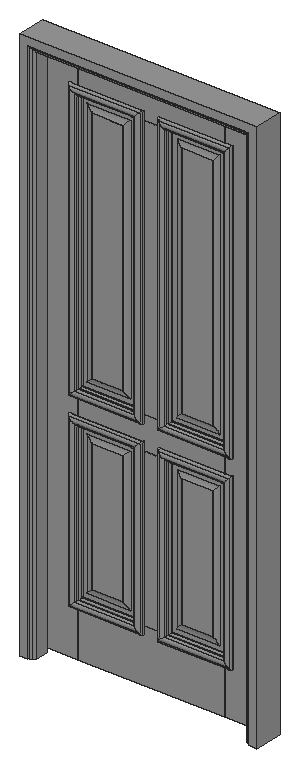
Revit family "H4PHB", category Doors, host Wall, Revit 2013
Parameters (values of type "H4PHB")
  Function = Interior
  Frame Projection Ext. = 25 mm
  Frame Projection Int. = 25 mm
  Frame Width = 75 mm
  Height = 2090 mm
  Wall Closure = By host
  Width = 889 mm
Reference planes
  plane 1: y = 0
  plane 2 "Center (Left/Right)": x = 0
  plane 3 "Left": x = -444.5
  plane 4 "Right": x = 444.5
  plane 5: z = 2090
  plane 6 "Exterior": y = 75
  plane 7 "Interior": y = -75
Forms (mm)
  Sweep 1, solid, material "Lauan, Meranti"
    path origin (0, 75, 0) x (1, 0, 0) y (0, 0, 1)
      loop
        line (444.5, 0) -> (444.5, 2090) -> (-444.5, 2090) -> (-444.5, 0)
    profile "Van Acht 105x50 Door Frame Routed Profile (Heavy) : Van Acht 105x50 Door Frame Routed Profile (Heavy)" origin (444.5, 75, 1045) x (-1, 0, 0) y (0, -1, 0)
      loop
        line (0, 22.5) -> (38, 22.5) -> (38, 67.5) -> (50, 67.5) -> (50, 112.5)
        arc (50, 112.5) -> (44.957, 114.29) -> (42.17, 118.859) r 8
        line (42.17, 118.859) -> (39, 118.859)
        arc (39, 118.859) -> (35.311, 122.973) -> (30, 124.5) r 10
        line (30, 124.5) -> (30, 127.5) -> (0, 127.5) -> (0, 22.5)
  Extrusion 2, solid, material "Lauan, Meranti"
    sketch origin (0, -85, 0) x (0, 1, 0) y (0, 0, 1)
      loop
        line (132.5, 20) -> (132.5, 221) -> (130.5, 221)
        arc (130.5, 221) -> (128.866, 225.67) -> (124.5, 228) r 6.807
        line (124.5, 228) -> (124.5, 230) -> (122.5, 230) -> (122.5, 215) -> (102.5, 215) -> (102.5, 230) -> (100.5, 230) -> (100.5, 228)
        arc (100.5, 228) -> (96.134, 225.67) -> (94.5, 221) r 6.807
        line (94.5, 221) -> (92.5, 221) -> (92.5, 20) -> (132.5, 20)
      loop
        line (132.5, 809) -> (132.5, 931) -> (130.5, 931)
        arc (130.5, 931) -> (128.866, 935.67) -> (124.5, 938) r 6.807
        line (124.5, 938) -> (124.5, 940) -> (122.5, 940) -> (122.5, 925) -> (102.5, 925) -> (102.5, 940) -> (100.5, 940) -> (100.5, 938)
        arc (100.5, 938) -> (96.134, 935.67) -> (94.5, 931) r 6.807
        line (94.5, 931) -> (92.5, 931) -> (92.5, 809) -> (94.5, 809)
        arc (94.5, 809) -> (96.134, 804.33) -> (100.5, 802) r 6.807
        line (100.5, 802) -> (100.5, 800) -> (102.5, 800) -> (102.5, 815) -> (122.5, 815) -> (122.5, 800) -> (124.5, 800) -> (124.5, 802)
        arc (124.5, 802) -> (128.866, 804.33) -> (130.5, 809) r 6.807
        line (130.5, 809) -> (132.5, 809)
      loop
        line (130.5, 1921) -> (132.5, 1921) -> (132.5, 2052) -> (92.5, 2052) -> (92.5, 1921) -> (94.5, 1921)
        arc (94.5, 1921) -> (96.134, 1916.33) -> (100.5, 1914) r 6.807
        line (100.5, 1914) -> (100.5, 1912) -> (102.5, 1912) -> (102.5, 1927) -> (122.5, 1927) -> (122.5, 1912) -> (124.5, 1912) -> (124.5, 1914)
        arc (124.5, 1914) -> (128.866, 1916.33) -> (130.5, 1921) r 6.807
    from -275.5 to 275.5
  Extrusion 3, solid, material "Lauan, Meranti"
    sketch origin (0, 0, 0) x (1, 0, 0) y (0, 1, 0)
      loop
        line (-406.5, 47.5) -> (-406.5, 7.5) -> (-275.5, 7.5) -> (-275.5, 9.5)
        arc (-275.5, 9.5) -> (-270.765, 11.06) -> (-268.5, 15.5) r 6.549
        line (-268.5, 15.5) -> (-266.5, 15.5) -> (-266.5, 17.5) -> (-281.5, 17.5) -> (-281.5, 37.5) -> (-266.5, 37.5) -> (-266.5, 39.5) -> (-268.5, 39.5)
        arc (-268.5, 39.5) -> (-270.765, 43.94) -> (-275.5, 45.5) r 6.549
        line (-275.5, 45.5) -> (-275.5, 47.5) -> (-406.5, 47.5)
      loop
        line (406.5, 47.5) -> (275.5, 47.5) -> (275.5, 45.5)
        arc (275.5, 45.5) -> (270.765, 43.94) -> (268.5, 39.5) r 6.549
        line (268.5, 39.5) -> (266.5, 39.5) -> (266.5, 37.5) -> (281.5, 37.5) -> (281.5, 17.5) -> (266.5, 17.5) -> (266.5, 15.5) -> (268.5, 15.5)
        arc (268.5, 15.5) -> (270.765, 11.06) -> (275.5, 9.5) r 6.549
        line (275.5, 9.5) -> (275.5, 7.5) -> (406.5, 7.5) -> (406.5, 47.5)
    from 20 to 2052
  Sweep 4, solid, material "Lauan, Meranti"
    path origin (0, 75, 0) x (1, 0, 0) y (0, 0, 1)
      loop
        line (275.5, 1921) -> (61, 1921) -> (61, 931) -> (275.5, 931) -> (275.5, 1921)
    profile origin (168.25, 75, 1921) x (0, 0, -1) y (0, -1, 0)
      loop
        line (-4.5, 57.5) -> (-4.5, 37.5) -> (25.727, 37.5)
        arc (25.727, 37.5) -> (37.468, 35.847) -> (48.5, 31.5) r 50.456
        line (48.5, 31.5) -> (48.5, 63.5)
        arc (48.5, 63.5) -> (37.468, 59.153) -> (25.727, 57.5) r 50.456
        line (25.727, 57.5) -> (-4.5, 57.5)
  Sweep 5, solid, material "Lauan, Meranti"
    path origin (0, 75, 0) x (1, 0, 0) y (0, 0, 1)
      loop
        line (275.5, 809) -> (61, 809) -> (61, 221) -> (275.5, 221) -> (275.5, 809)
    profile origin (168.25, 75, 809) x (0, 0, -1) y (0, -1, 0)
      loop
        line (-4.5, 57.5) -> (-4.5, 37.5) -> (25.727, 37.5)
        arc (25.727, 37.5) -> (37.468, 35.847) -> (48.5, 31.5) r 50.456
        line (48.5, 31.5) -> (48.5, 63.5)
        arc (48.5, 63.5) -> (37.468, 59.153) -> (25.727, 57.5) r 50.456
        line (25.727, 57.5) -> (-4.5, 57.5)
  Extrusion 6, solid, material "Lauan, Meranti"
    sketch origin (0, 75, 0) x (1, 0, 0) y (0, 0, 1)
      loop
        line (227, 760.5) -> (109.5, 760.5) -> (109.5, 269.5) -> (227, 269.5) -> (227, 760.5)
    from 31.5 to 63.5
  Extrusion 7, solid, material "Lauan, Meranti"
    sketch origin (0, 75, 715) x (1, 0, 0) y (0, 0, 1)
      loop
        line (227, 1157.5) -> (109.5, 1157.5) -> (109.5, 264.5) -> (227, 264.5) -> (227, 1157.5)
    from 31.5 to 63.5
  Extrusion 8, solid, material "Lauan, Meranti"
    sketch origin (0, 0, 0) x (1, 0, 0) y (0, 1, 0)
      loop
        line (-61, 7.5) -> (61, 7.5) -> (61, 9.5)
        arc (61, 9.5) -> (65.735, 11.06) -> (68, 15.5) r 6.549
        line (68, 15.5) -> (70, 15.5) -> (70, 17.5) -> (55, 17.5) -> (55, 37.5) -> (70, 37.5) -> (70, 39.5) -> (68, 39.5)
        arc (68, 39.5) -> (65.735, 43.94) -> (61, 45.5) r 6.549
        line (61, 45.5) -> (61, 47.5) -> (-61, 47.5) -> (-61, 45.5)
        arc (-61, 45.5) -> (-65.735, 43.94) -> (-68, 39.5) r 6.549
        line (-68, 39.5) -> (-70, 39.5) -> (-70, 37.5) -> (-55, 37.5) -> (-55, 17.5) -> (-70, 17.5) -> (-70, 15.5) -> (-68, 15.5)
        arc (-68, 15.5) -> (-65.735, 11.06) -> (-61, 9.5) r 6.549
        line (-61, 9.5) -> (-61, 7.5)
    from 221 to 809
  Extrusion 9, solid, material "Lauan, Meranti"
    sketch origin (0, 0, 710) x (1, 0, 0) y (0, 1, 0)
      loop
        line (-61, 7.5) -> (61, 7.5) -> (61, 9.5)
        arc (61, 9.5) -> (65.735, 11.06) -> (68, 15.5) r 6.549
        line (68, 15.5) -> (70, 15.5) -> (70, 17.5) -> (55, 17.5) -> (55, 37.5) -> (70, 37.5) -> (70, 39.5) -> (68, 39.5)
        arc (68, 39.5) -> (65.735, 43.94) -> (61, 45.5) r 6.549
        line (61, 45.5) -> (61, 47.5) -> (-61, 47.5) -> (-61, 45.5)
        arc (-61, 45.5) -> (-65.735, 43.94) -> (-68, 39.5) r 6.549
        line (-68, 39.5) -> (-70, 39.5) -> (-70, 37.5) -> (-55, 37.5) -> (-55, 17.5) -> (-70, 17.5) -> (-70, 15.5) -> (-68, 15.5)
        arc (-68, 15.5) -> (-65.735, 11.06) -> (-61, 9.5) r 6.549
        line (-61, 9.5) -> (-61, 7.5)
    from 221 to 1211
  Sweep 10, solid, material "Lauan, Meranti"
    path origin (-336.5, 75, 0) x (1, 0, 0) y (0, 0, 1)
      loop
        line (275.5, 1921) -> (61, 1921) -> (61, 931) -> (275.5, 931) -> (275.5, 1921)
    profile origin (-168.25, 75, 1921) x (0, 0, -1) y (0, -1, 0)
      loop
        line (-4.5, 57.5) -> (-4.5, 37.5) -> (25.727, 37.5)
        arc (25.727, 37.5) -> (37.468, 35.847) -> (48.5, 31.5) r 50.456
        line (48.5, 31.5) -> (48.5, 63.5)
        arc (48.5, 63.5) -> (37.468, 59.153) -> (25.727, 57.5) r 50.456
        line (25.727, 57.5) -> (-4.5, 57.5)
  Sweep 11, solid, material "Lauan, Meranti"
    path origin (-336.5, 75, 0) x (1, 0, 0) y (0, 0, 1)
      loop
        line (275.5, 809) -> (61, 809) -> (61, 221) -> (275.5, 221) -> (275.5, 809)
    profile origin (-168.25, 75, 809) x (0, 0, -1) y (0, -1, 0)
      loop
        line (-4.5, 57.5) -> (-4.5, 37.5) -> (25.727, 37.5)
        arc (25.727, 37.5) -> (37.468, 35.847) -> (48.5, 31.5) r 50.456
        line (48.5, 31.5) -> (48.5, 63.5)
        arc (48.5, 63.5) -> (37.468, 59.153) -> (25.727, 57.5) r 50.456
        line (25.727, 57.5) -> (-4.5, 57.5)
  Extrusion 12, solid, material "Lauan, Meranti"
    sketch origin (-336.5, 75, 0) x (1, 0, 0) y (0, 0, 1)
      loop
        line (227, 760.5) -> (109.5, 760.5) -> (109.5, 269.5) -> (227, 269.5) -> (227, 760.5)
    from 31.5 to 63.5
  Extrusion 13, solid, material "Lauan, Meranti"
    sketch origin (-336.5, 75, 715) x (1, 0, 0) y (0, 0, 1)
      loop
        line (227, 1157.5) -> (109.5, 1157.5) -> (109.5, 264.5) -> (227, 264.5) -> (227, 1157.5)
    from 31.5 to 63.5
  Sweep 14, solid, material "Lauan, Meranti"
    path origin (-44.807, -20, -40.743) x (1, 0, 0) y (0, 0, -1)
      loop
        line (-16.193, -1961.743) -> (-16.193, -971.743) -> (-230.693, -971.743) -> (-230.693, -1961.743) -> (-16.193, -1961.743)
    profile origin (-168.25, -20, 1921) x (0, 0, 1) y (0, 1, 0)
      loop
        line (31, 24) -> (31, 27.5) -> (0, 27.5) -> (0, 24)
        arc (0, 24) -> (1.904, 19.404) -> (6.5, 17.5) r 6.5
        arc (6.5, 17.5) -> (15.5, 13.5) -> (24.5, 17.5) r 12.125
        arc (24.5, 17.5) -> (29.096, 19.404) -> (31, 24) r 6.5
  Sweep 15, solid, material "Lauan, Meranti"
    path origin (-44.807, -20, -1332.655) x (1, 0, 0) y (0, 0, -1)
      loop
        line (-16.193, -2141.655) -> (-16.193, -1553.655) -> (-230.693, -1553.655) -> (-230.693, -2141.655) -> (-16.193, -2141.655)
    profile origin (-168.25, -20, 809) x (0, 0, 1) y (0, 1, 0)
      loop
        line (31, 24) -> (31, 27.5) -> (0, 27.5) -> (0, 24)
        arc (0, 24) -> (1.904, 19.404) -> (6.5, 17.5) r 6.5
        arc (6.5, 17.5) -> (15.5, 13.5) -> (24.5, 17.5) r 12.125
        arc (24.5, 17.5) -> (29.096, 19.404) -> (31, 24) r 6.5
  Sweep 16, solid, material "Lauan, Meranti"
    path origin (291.779, -20, -40.743) x (1, 0, 0) y (0, 0, -1)
      loop
        line (-16.193, -1961.743) -> (-16.193, -971.743) -> (-230.693, -971.743) -> (-230.693, -1961.743) -> (-16.193, -1961.743)
    profile origin (168.337, -20, 1921) x (0, 0, 1) y (0, 1, 0)
      loop
        line (31, 24) -> (31, 27.5) -> (0, 27.5) -> (0, 24)
        arc (0, 24) -> (1.904, 19.404) -> (6.5, 17.5) r 6.5
        arc (6.5, 17.5) -> (15.5, 13.5) -> (24.5, 17.5) r 12.125
        arc (24.5, 17.5) -> (29.096, 19.404) -> (31, 24) r 6.5
  Sweep 17, solid, material "Lauan, Meranti"
    path origin (291.779, -20, -1332.655) x (1, 0, 0) y (0, 0, -1)
      loop
        line (-16.193, -2141.655) -> (-16.193, -1553.655) -> (-230.693, -1553.655) -> (-230.693, -2141.655) -> (-16.193, -2141.655)
    profile origin (168.337, -20, 809) x (0, 0, 1) y (0, 1, 0)
      loop
        line (31, 24) -> (31, 27.5) -> (0, 27.5) -> (0, 24)
        arc (0, 24) -> (1.904, 19.404) -> (6.5, 17.5) r 6.5
        arc (6.5, 17.5) -> (15.5, 13.5) -> (24.5, 17.5) r 12.125
        arc (24.5, 17.5) -> (29.096, 19.404) -> (31, 24) r 6.5
  Sweep 18, solid, material "Lauan, Meranti"
    path origin (-44.807, 75, -40.743) x (1, 0, 0) y (0, 0, 1)
      loop
        line (-16.193, 1961.743) -> (-230.693, 1961.743) -> (-230.693, 971.743) -> (-16.193, 971.743) -> (-16.193, 1961.743)
    profile origin (-168.25, 75, 1921) x (0, 0, -1) y (0, -1, 0)
      loop
        arc (-31, 24) -> (-29.096, 19.404) -> (-24.5, 17.5) r 6.5
        arc (-24.5, 17.5) -> (-15.5, 13.5) -> (-6.5, 17.5) r 12.125
        arc (-6.5, 17.5) -> (-1.904, 19.404) -> (0, 24) r 6.5
        line (0, 24) -> (0, 27.5) -> (-31, 27.5) -> (-31, 24)
  Sweep 19, solid, material "Lauan, Meranti"
    path origin (-44.807, 75, -1332.655) x (1, 0, 0) y (0, 0, 1)
      loop
        line (-16.193, 2141.655) -> (-230.693, 2141.655) -> (-230.693, 1553.655) -> (-16.193, 1553.655) -> (-16.193, 2141.655)
    profile origin (-168.25, 75, 809) x (0, 0, -1) y (0, -1, 0)
      loop
        arc (-31, 24) -> (-29.096, 19.404) -> (-24.5, 17.5) r 6.5
        arc (-24.5, 17.5) -> (-15.5, 13.5) -> (-6.5, 17.5) r 12.125
        arc (-6.5, 17.5) -> (-1.904, 19.404) -> (0, 24) r 6.5
        line (0, 24) -> (0, 27.5) -> (-31, 27.5) -> (-31, 24)
  Sweep 20, solid, material "Lauan, Meranti"
    path origin (291.779, 75, -40.743) x (1, 0, 0) y (0, 0, 1)
      loop
        line (-16.193, 1961.743) -> (-230.693, 1961.743) -> (-230.693, 971.743) -> (-16.193, 971.743) -> (-16.193, 1961.743)
    profile origin (168.337, 75, 1921) x (0, 0, -1) y (0, -1, 0)
      loop
        arc (-31, 24) -> (-29.096, 19.404) -> (-24.5, 17.5) r 6.5
        arc (-24.5, 17.5) -> (-15.5, 13.5) -> (-6.5, 17.5) r 12.125
        arc (-6.5, 17.5) -> (-1.904, 19.404) -> (0, 24) r 6.5
        line (0, 24) -> (0, 27.5) -> (-31, 27.5) -> (-31, 24)
  Sweep 21, solid, material "Lauan, Meranti"
    path origin (291.779, 75, -1332.655) x (1, 0, 0) y (0, 0, 1)
      loop
        line (-16.193, 2141.655) -> (-230.693, 2141.655) -> (-230.693, 1553.655) -> (-16.193, 1553.655) -> (-16.193, 2141.655)
    profile origin (168.337, 75, 809) x (0, 0, -1) y (0, -1, 0)
      loop
        arc (-31, 24) -> (-29.096, 19.404) -> (-24.5, 17.5) r 6.5
        arc (-24.5, 17.5) -> (-15.5, 13.5) -> (-6.5, 17.5) r 12.125
        arc (-6.5, 17.5) -> (-1.904, 19.404) -> (0, 24) r 6.5
        line (0, 24) -> (0, 27.5) -> (-31, 27.5) -> (-31, 24)
Lines and regions (mm)
  Opening 1
    outline origin (-3050, -75, 0) x (1, 0, 0) y (0, 0, 1)
      loop
        line (2605.5, 0) -> (3494.5, 0) -> (3494.5, 2090) -> (2605.5, 2090) -> (2605.5, 0)
  symbolic lines, style "Elevation Swing"
    curve 1: line (444.5, -75, 1045) -> (-444.5, -75, 2090)
    curve 2: line (444.5, -75, 1045) -> (-444.5, -75, 0)
  model lines
    curve 3: line (406.5, 52.5, 0) -> (406.5, 865.5, 0)
    curve 4: arc (-406.5, 52.5, 0) -> (-168.378, 627.378, 0) -> (406.5, 865.5, 0) r 813
Text (mm)
  text "Exterior" at (-2295.016, 1099.543, 0), in view "Ref. Level"
  text "Exterior" at (0, 1615.38, 3698.081), in view "Left"
  text "Exterior" at (0, 1036.032, 3874.932), in view "Right"
Dimensions and locks
  equal spacing: plane 3 "Left", plane 2 "Center (Left/Right)", plane 4 "Right"
  "Width": plane 3 "Left" to plane 4 "Right"
  "Height": plane 5 to host wall
  equal spacing: host wall, curve 2, plane 5
  host wall to plane 5 = 2090 mm
  locked: plane 6 "Exterior" to host wall at 0
  locked: plane 7 "Interior" to host wall
  plane 3 "Left" to plane 4 "Right" = 889 mm
  Sweep 1 to Sweep 1 = 813 mm
  Extrusion 3 to Sweep 1 = 2032 mm
  aligned and locked: plane 3 "Left" to Opening 1 sketch curve
  aligned and locked: plane 5 to Opening 1 sketch curve  (x2)
  aligned and locked: Opening 1 sketch curve to plane 4 "Right"
  aligned and locked: Opening 1 sketch curve to level
  aligned and locked: plane 5 to curve 1
  aligned and locked: plane 3 "Left" to curve 2
  aligned and locked: plane 1 to host wall
  aligned and locked: plane 3 "Left" to curve 1
Automatic sketch dimensions
  plane 4 "Right" to curve 2 = 0 mm
  curve 2 to level = 0 mm
  plane 3 "Left" to Sweep 1 sketch curve = 0 mm
  plane 4 "Right" to Sweep 1 sketch curve = 0 mm
  Sweep 1 sketch curve to plane 5 = 0 mm
  Sweep 1 sketch curve to level = 0 mm  (x2)
  Extrusion 2 sketch curve to host wall = 7.5 mm  (x3)
  level to Extrusion 2 sketch curve = 20 mm
  Extrusion 2 sketch curve to Extrusion 2 sketch curve = 2 mm  (x22)
  Extrusion 2 sketch curve to Extrusion 2 sketch curve = 6 mm  (x12)
  Extrusion 2 sketch curve to Extrusion 2 sketch curve = 20 mm  (x4)
  Extrusion 2 sketch curve to host wall = 27.5 mm
  Extrusion 2 sketch curve to Extrusion 2 sketch curve = 1.197 mm  (x8)
  Extrusion 2 sketch curve to Extrusion 2 sketch curve = 195 mm
  Extrusion 2 sketch curve to Extrusion 2 sketch curve = 7 mm  (x8)
  Extrusion 2 sketch curve to Extrusion 2 sketch curve = 570 mm
  Extrusion 2 sketch curve to Extrusion 2 sketch curve = 0 mm  (x2)
  Extrusion 2 sketch curve to Extrusion 2 sketch curve = 6.241 mm  (x2)
  Extrusion 2 sketch curve to Extrusion 2 sketch curve = 110 mm
  plane 5 to Extrusion 2 sketch curve = 178 mm
  plane 5 to Extrusion 2 sketch curve = 38 mm
  Extrusion 3 sketch curve to host wall = 7.5 mm  (x2)
  Extrusion 3 sketch curve to plane 3 "Left" = 38 mm
  Extrusion 3 sketch curve to host wall = 37.5 mm  (x2)
  Extrusion 3 sketch curve to Extrusion 3 sketch curve = 125 mm
  Extrusion 3 sketch curve to Extrusion 3 sketch curve = 6 mm  (x7)
  Extrusion 3 sketch curve to Extrusion 3 sketch curve = 7 mm  (x4)
  Extrusion 3 sketch curve to Extrusion 3 sketch curve = 2 mm  (x11)
  plane 4 "Right" to Extrusion 3 sketch curve = 178 mm
  Extrusion 3 sketch curve to Extrusion 3 sketch curve = 0 mm
  plane 4 "Right" to Extrusion 3 sketch curve = 38 mm
  Extrusion 3 sketch curve to Extrusion 3 sketch curve = 0.473 mm  (x3)
  Extrusion 3 sketch curve to Extrusion 3 sketch curve = 6.527 mm
  Extrusion 3 sketch curve to Extrusion 3 sketch curve = 1.468 mm
  plane 2 "Center (Left/Right)" to Sweep 4 sketch curve = 61 mm
  plane 4 "Right" to Sweep 4 sketch curve = 169 mm
  level to Sweep 4 sketch curve = 931 mm
  plane 5 to Sweep 4 sketch curve = 169 mm
  profile plane to Sweep 4 sketch curve = 4.5 mm
  plane 6 "Exterior" to Sweep 4 sketch curve = 31.5 mm
  Sweep 4 sketch curve to profile plane = 25.727 mm
  Sweep 4 sketch curve to Sweep 4 sketch curve = 0 mm
  Sweep 4 sketch curve to Sweep 4 sketch curve = 22.773 mm
  Sweep 4 sketch curve to profile plane = 24.613 mm  (x2)
  Sweep 4 sketch curve to Sweep 4 sketch curve = 6 mm  (x2)
  Sweep 4 sketch curve to Sweep 4 sketch curve = 20 mm
  plane 2 "Center (Left/Right)" to Sweep 5 sketch curve = 61 mm
  level to Sweep 5 sketch curve = 221 mm
  plane 4 "Right" to Sweep 5 sketch curve = 169 mm
  Sweep 5 sketch curve to Sweep 5 sketch curve = 588 mm
  profile plane to Sweep 5 sketch curve = 4.5 mm
  plane 6 "Exterior" to Sweep 5 sketch curve = 31.5 mm
  Sweep 5 sketch curve to profile plane = 25.727 mm
  Sweep 5 sketch curve to Sweep 5 sketch curve = 0 mm
  Sweep 5 sketch curve to Sweep 5 sketch curve = 22.773 mm
  Sweep 5 sketch curve to profile plane = 24.613 mm  (x2)
  plane 6 "Exterior" to Sweep 5 sketch curve = 37.5 mm
  Sweep 5 sketch curve to Sweep 5 sketch curve = 20 mm
  Sweep 5 sketch curve to Sweep 5 sketch curve = 6 mm
  plane 2 "Center (Left/Right)" to Extrusion 6 sketch curve = 109.5 mm
  level to Extrusion 6 sketch curve = 269.5 mm
  Extrusion 6 sketch curve to Extrusion 6 sketch curve = 117.5 mm
  Extrusion 6 sketch curve to Extrusion 6 sketch curve = 491 mm
  plane 2 "Center (Left/Right)" to Extrusion 7 sketch curve = 109.5 mm
  plane 4 "Right" to Extrusion 7 sketch curve = 217.5 mm
  level to Extrusion 7 sketch curve = 979.5 mm
  plane 5 to Extrusion 7 sketch curve = 217.5 mm
  plane 4 "Right" to curve 3 = 38 mm
  host wall to curve 3 = 790.5 mm
  curve 4 to host wall = 22.5 mm
  curve 3 to curve 4 = 0 mm
  Extrusion 8 sketch curve to host wall = 35.5 mm
  Extrusion 8 sketch curve to plane 2 "Center (Left/Right)" = 70 mm
  Extrusion 8 sketch curve to host wall = 7.5 mm
  Extrusion 8 sketch curve to Extrusion 8 sketch curve = 0 mm
  Extrusion 8 sketch curve to Extrusion 8 sketch curve = 2 mm  (x11)
  Extrusion 8 sketch curve to Extrusion 8 sketch curve = 7 mm  (x4)
  Extrusion 8 sketch curve to Extrusion 8 sketch curve = 6 mm  (x6)
  Extrusion 8 sketch curve to host wall = 17.5 mm
  plane 2 "Center (Left/Right)" to Extrusion 8 sketch curve = 55 mm
  Extrusion 8 sketch curve to Extrusion 8 sketch curve = 6.527 mm  (x2)
  Extrusion 8 sketch curve to Extrusion 8 sketch curve = 0.473 mm  (x2)
  Extrusion 8 sketch curve to Extrusion 8 sketch curve = 20 mm
  Extrusion 9 sketch curve to host wall = 35.5 mm
  Extrusion 9 sketch curve to plane 2 "Center (Left/Right)" = 70 mm
  Extrusion 9 sketch curve to host wall = 7.5 mm
  Extrusion 9 sketch curve to Extrusion 9 sketch curve = 0 mm
  Extrusion 9 sketch curve to Extrusion 9 sketch curve = 2 mm  (x11)
  Extrusion 9 sketch curve to Extrusion 9 sketch curve = 7 mm  (x4)
  Extrusion 9 sketch curve to Extrusion 9 sketch curve = 6 mm  (x6)
  Extrusion 9 sketch curve to host wall = 17.5 mm
  plane 2 "Center (Left/Right)" to Extrusion 9 sketch curve = 55 mm
  Extrusion 9 sketch curve to Extrusion 9 sketch curve = 6.527 mm  (x2)
  Extrusion 9 sketch curve to Extrusion 9 sketch curve = 0.473 mm  (x2)
  Extrusion 9 sketch curve to Extrusion 9 sketch curve = 20 mm
  Sweep 10 sketch curve to plane 3 "Left" = 169 mm
  Sweep 10 sketch curve to plane 2 "Center (Left/Right)" = 61 mm
  level to Sweep 10 sketch curve = 931 mm
  plane 5 to Sweep 10 sketch curve = 169 mm
  profile plane to Sweep 10 sketch curve = 4.5 mm
  plane 6 "Exterior" to Sweep 10 sketch curve = 31.5 mm
  Sweep 10 sketch curve to profile plane = 25.727 mm
  Sweep 10 sketch curve to Sweep 10 sketch curve = 0 mm
  Sweep 10 sketch curve to Sweep 10 sketch curve = 22.773 mm
  Sweep 10 sketch curve to profile plane = 24.613 mm  (x2)
  Sweep 10 sketch curve to Sweep 10 sketch curve = 6 mm  (x2)
  Sweep 10 sketch curve to Sweep 10 sketch curve = 20 mm
  Sweep 11 sketch curve to plane 3 "Left" = 169 mm
  Sweep 11 sketch curve to plane 2 "Center (Left/Right)" = 61 mm
  level to Sweep 11 sketch curve = 221 mm
  Sweep 11 sketch curve to Sweep 11 sketch curve = 588 mm
  profile plane to Sweep 11 sketch curve = 4.5 mm
  plane 6 "Exterior" to Sweep 11 sketch curve = 31.5 mm
  Sweep 11 sketch curve to profile plane = 25.727 mm
  Sweep 11 sketch curve to Sweep 11 sketch curve = 0 mm
  Sweep 11 sketch curve to Sweep 11 sketch curve = 22.773 mm
  Sweep 11 sketch curve to profile plane = 24.613 mm  (x2)
  plane 6 "Exterior" to Sweep 11 sketch curve = 37.5 mm
  Sweep 11 sketch curve to Sweep 11 sketch curve = 20 mm
  Sweep 11 sketch curve to Sweep 11 sketch curve = 6 mm
  Extrusion 12 sketch curve to plane 3 "Left" = 217.5 mm
  Extrusion 12 sketch curve to plane 2 "Center (Left/Right)" = 109.5 mm
  level to Extrusion 12 sketch curve = 269.5 mm
  Extrusion 12 sketch curve to Extrusion 12 sketch curve = 491 mm
  Extrusion 13 sketch curve to plane 3 "Left" = 217.5 mm
  Extrusion 13 sketch curve to plane 2 "Center (Left/Right)" = 109.5 mm
  level to Extrusion 13 sketch curve = 979.5 mm
  plane 5 to Extrusion 13 sketch curve = 217.5 mm
  Sweep 14 sketch curve to plane 3 "Left" = 169 mm
  plane 5 to Sweep 14 sketch curve = 169 mm
  Sweep 14 sketch curve to plane 2 "Center (Left/Right)" = 61 mm
  level to Sweep 14 sketch curve = 931 mm
  profile plane to Sweep 14 sketch curve = 0 mm
  profile plane to Sweep 14 sketch curve = 24 mm
  Sweep 14 sketch curve to profile plane = 31 mm
  Sweep 14 sketch curve to profile plane = 6.5 mm
  Sweep 14 sketch curve to Sweep 14 sketch curve = 9 mm
  Sweep 14 sketch curve to Sweep 14 sketch curve = 6.5 mm
  Sweep 14 sketch curve to Sweep 14 sketch curve = 3.5 mm
  Sweep 14 sketch curve to Sweep 14 sketch curve = 1.625 mm
  Sweep 15 sketch curve to plane 3 "Left" = 169 mm
  level to Sweep 15 sketch curve = 809 mm
  Sweep 15 sketch curve to plane 2 "Center (Left/Right)" = 61 mm
  level to Sweep 15 sketch curve = 221 mm
  profile plane to Sweep 15 sketch curve = 0 mm
  profile plane to Sweep 15 sketch curve = 24 mm
  Sweep 15 sketch curve to profile plane = 31 mm
  Sweep 15 sketch curve to profile plane = 6.5 mm
  Sweep 15 sketch curve to Sweep 15 sketch curve = 9 mm
  Sweep 15 sketch curve to Sweep 15 sketch curve = 6.5 mm
  Sweep 15 sketch curve to Sweep 15 sketch curve = 3.5 mm
  Sweep 15 sketch curve to Sweep 15 sketch curve = 1.625 mm
  plane 2 "Center (Left/Right)" to Sweep 16 sketch curve = 61.087 mm
  plane 5 to Sweep 16 sketch curve = 169 mm
  plane 4 "Right" to Sweep 16 sketch curve = 168.913 mm
  level to Sweep 16 sketch curve = 931 mm
  profile plane to Sweep 16 sketch curve = 0 mm
  profile plane to Sweep 16 sketch curve = 24 mm
  Sweep 16 sketch curve to profile plane = 31 mm
  Sweep 16 sketch curve to profile plane = 6.5 mm
  Sweep 16 sketch curve to Sweep 16 sketch curve = 9 mm
  Sweep 16 sketch curve to Sweep 16 sketch curve = 6.5 mm
  Sweep 16 sketch curve to Sweep 16 sketch curve = 3.5 mm
  Sweep 16 sketch curve to Sweep 16 sketch curve = 1.625 mm
  plane 2 "Center (Left/Right)" to Sweep 17 sketch curve = 61.087 mm
  level to Sweep 17 sketch curve = 809 mm
  plane 4 "Right" to Sweep 17 sketch curve = 168.913 mm
  level to Sweep 17 sketch curve = 221 mm
  profile plane to Sweep 17 sketch curve = 0 mm
  profile plane to Sweep 17 sketch curve = 24 mm
  Sweep 17 sketch curve to profile plane = 31 mm
  Sweep 17 sketch curve to profile plane = 6.5 mm
  Sweep 17 sketch curve to Sweep 17 sketch curve = 9 mm
  Sweep 17 sketch curve to Sweep 17 sketch curve = 6.5 mm
  Sweep 17 sketch curve to Sweep 17 sketch curve = 3.5 mm
  Sweep 17 sketch curve to Sweep 17 sketch curve = 1.625 mm
  Sweep 18 sketch curve to plane 3 "Left" = 169 mm
  Sweep 18 sketch curve to plane 2 "Center (Left/Right)" = 61 mm
  level to Sweep 18 sketch curve = 931 mm
  plane 5 to Sweep 18 sketch curve = 169 mm
  Sweep 18 sketch curve to profile plane = 0 mm
  profile plane to Sweep 18 sketch curve = 24 mm
  profile plane to Sweep 18 sketch curve = 31 mm
  Sweep 18 sketch curve to Sweep 18 sketch curve = 6.5 mm
  Sweep 18 sketch curve to Sweep 18 sketch curve = 9 mm
  profile plane to Sweep 18 sketch curve = 6.5 mm
  Sweep 18 sketch curve to Sweep 18 sketch curve = 3.5 mm
  Sweep 18 sketch curve to Sweep 18 sketch curve = 1.625 mm
  Sweep 19 sketch curve to plane 3 "Left" = 169 mm
  Sweep 19 sketch curve to plane 2 "Center (Left/Right)" = 61 mm
  level to Sweep 19 sketch curve = 221 mm
  Sweep 19 sketch curve to Sweep 19 sketch curve = 588 mm
  Sweep 19 sketch curve to profile plane = 0 mm
  profile plane to Sweep 19 sketch curve = 24 mm
  Sweep 19 sketch curve to Sweep 19 sketch curve = 31 mm
  Sweep 19 sketch curve to Sweep 19 sketch curve = 6.5 mm
  Sweep 19 sketch curve to Sweep 19 sketch curve = 9 mm
  profile plane to Sweep 19 sketch curve = 6.5 mm
  Sweep 19 sketch curve to Sweep 19 sketch curve = 3.5 mm
  Sweep 19 sketch curve to Sweep 19 sketch curve = 1.625 mm
  plane 2 "Center (Left/Right)" to Sweep 20 sketch curve = 61.087 mm
  plane 4 "Right" to Sweep 20 sketch curve = 168.913 mm
  level to Sweep 20 sketch curve = 931 mm
  plane 5 to Sweep 20 sketch curve = 169 mm
  Sweep 20 sketch curve to profile plane = 0 mm
  profile plane to Sweep 20 sketch curve = 24 mm
  profile plane to Sweep 20 sketch curve = 31 mm
  Sweep 20 sketch curve to Sweep 20 sketch curve = 6.5 mm
  Sweep 20 sketch curve to Sweep 20 sketch curve = 9 mm
  profile plane to Sweep 20 sketch curve = 6.5 mm
  Sweep 20 sketch curve to Sweep 20 sketch curve = 3.5 mm
  Sweep 20 sketch curve to Sweep 20 sketch curve = 1.625 mm
  plane 2 "Center (Left/Right)" to Sweep 21 sketch curve = 61.087 mm
  level to Sweep 21 sketch curve = 221 mm
  plane 4 "Right" to Sweep 21 sketch curve = 168.913 mm
  Sweep 21 sketch curve to Sweep 21 sketch curve = 588 mm
  Sweep 21 sketch curve to profile plane = 0 mm
  profile plane to Sweep 21 sketch curve = 24 mm
  Sweep 21 sketch curve to Sweep 21 sketch curve = 31 mm
  Sweep 21 sketch curve to Sweep 21 sketch curve = 6.5 mm
  Sweep 21 sketch curve to Sweep 21 sketch curve = 9 mm
  profile plane to Sweep 21 sketch curve = 6.5 mm
  Sweep 21 sketch curve to Sweep 21 sketch curve = 3.5 mm
  Sweep 21 sketch curve to Sweep 21 sketch curve = 1.625 mm
